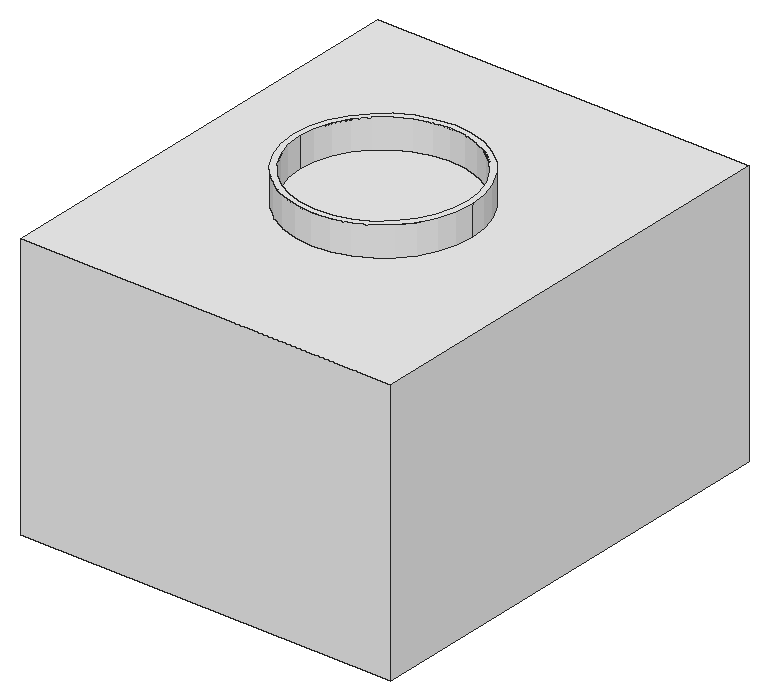
Revit family "Lighting-Recessed-Amerlux-E475RA-C3", category Lighting Fixtures, host Face, Revit 2014
Parameters (values of type "Trimless")
  Width = 12 1/2"
  Wattage = 9.2903 W
  built-in parameter 1150110 = 1 (stored number, unit not read)
  Voltage = 0 V
  URL = "http://www.amerlux.com/"
  Trim Size = 6"
  Trim [instance] = no
  built-in parameter 1114217 = 1 (stored number, unit not read)
  Tilt Angle = -90.00°
  built-in parameter 1150109 = 1 (stored number, unit not read)
  built-in parameter 1150134 = 3
  built-in parameter 1150113 = 1 (stored number, unit not read)
  Power Factor = 1
  Photometric Web File = "generic"
  Number of Poles = 1
  built-in parameter 1150142 = (empty or 0)
  Model Number = ""
  Model = "E475RAC3"
  Manufacturer = "Amerlux"
  built-in parameter 1150105 = 109.82 (stored number, unit not read)
  Lumens = 1380 lm
  built-in parameter 1150115 = 1 (stored number, unit not read)
  built-in parameter 1150137 = (empty or 0)
  built-in parameter 1150139 = (empty or 0)
  Length = 14 1/2"
  built-in parameter 1150112 = 1 (stored number, unit not read)
  built-in parameter 1150114 = 1 (stored number, unit not read)
  Lamp = "LED"
  built-in parameter 1150132 = (empty or 0)
  built-in parameter 1150102 = (empty or 0)
  built-in parameter 1150107 = 3200 (stored number, unit not read)
  built-in parameter 1150138 = (empty or 0)
  built-in parameter 1150106 = 1.0982 (stored number, unit not read)
  Height = 8 1/4"
  Emit from Circle Diameter = Aperture Size  # 4 3/4"
  Emit Shape Visible in Rendering = no
  built-in parameter 1150104 = 13.8 (stored number, unit not read)
  Dimming Lamp Color Temperature Shift = <None>
  Dimming = ""
  Description = "4.5\" Round Adjustable"
  Default Elevation = 48"
  Color Filter = 16777215
  built-in parameter 1114218 = 1 (stored number, unit not read)
  built-in parameter 1150133 = 10 (stored number, unit not read)
  Apparent Load = 0 VA
  Aperture Size = 4 3/4"
Types (3): name | Trim
  (no name) | no
  Trim | yes
  Trimless | no
Reference planes (in)
  plane 1 "Center (Front/Back)": y = 0
  plane 2: z = 0
  plane 3 "Center (Left/Right)": x = 0
  plane 4: x = -7.25
  plane 5: x = 7.25
  plane 6: z = -8.25
  plane 7: y = 6.25
  plane 8: y = -6.25
Forms (in)
  Extrusion 1, solid, material "Housing"
    sketch origin (0, 0, 0) x (1, 0, 0) y (0, 1, 0)
      loop
        line (-5.16548, 6.25) -> (-5.16548, -6.25) -> (5.22568, -6.25) -> (5.22568, 6.25) -> (-5.16548, 6.25)
    from -8.25 to -0.8255
  Extrusion 2, solid, material "Trim Finish", visible <- "Trim"
    sketch origin (0, 0, 0) x (1, 0, 0) y (0, 1, 0)
      loop
        circle (0, 0) r 3
      loop
        circle (0, 0) r 2.375
    from 0 to 0.08709
  Extrusion 3, solid, material "Housing"
    sketch origin (0, 0, 0) x (1, 0, 0) y (0, 1, 0)
      loop
        circle (0, 0) r 2.34375
      loop
        circle (0, 0) r 2.5
    from -0.8255 to 0
  Extrusion 4, void
    sketch origin (0, 0, 0) x (1, 0, 0) y (0, 1, 0)
      loop
        circle (0, 0) r 2.34375
    from -0.8255 to 0.08709
Cuts and joins
  Extrusion 4 cuts Extrusion 2
Dimensions and locks (in)
  "Height": plane 6 to host face
  "Length": plane 4 to plane 5
  equal spacing: plane 7, plane 1 "Center (Front/Back)", plane 8
  equal spacing: plane 4, plane 3 "Center (Left/Right)", plane 5
  "Width": plane 7 to plane 8
  "Aperture Size": diameter of Extrusion 2 sketch curve
  "Trim Size": diameter of Extrusion 2 sketch curve
  aligned and locked: plane 2 to host face
  aligned and locked: level to host face
  aligned and locked: Extrusion 1 to plane 6
  aligned and locked: Extrusion 1 to plane 8
  aligned and locked: Extrusion 3 to Extrusion 1
  aligned and locked: level to Extrusion 3
  aligned and locked: plane 7 to Extrusion 1
Automatic sketch dimensions
  host sketch curve to host sketch curve = 54.51167"
  host sketch curve to host sketch curve = 52.40009"
  plane 4 to Extrusion 1 sketch curve = 2.08452"
  Extrusion 1 sketch curve to plane 5 = 2.02432"
  Extrusion 1 sketch curve to plane 8 = 0"
  Extrusion 1 sketch curve to plane 7 = 0"
  Extrusion 3 sketch curve to Extrusion 3 sketch curve = 0"  (x2)
  plane 1 "Center (Front/Back)" to Extrusion 3 sketch curve = 0"
  Extrusion 3 sketch curve to plane 3 "Center (Left/Right)" = 0"
  plane 1 "Center (Front/Back)" to Extrusion 4 sketch curve = 0"
  Extrusion 4 sketch curve to plane 3 "Center (Left/Right)" = 0"
  Extrusion 2 sketch curve to Extrusion 2 sketch curve = 0"  (x2)
  plane 1 "Center (Front/Back)" to Extrusion 2 sketch curve = 0"
  Extrusion 2 sketch curve to plane 3 "Center (Left/Right)" = 0"
  radius of Extrusion 3 sketch curve = 2 11/32"
  radius of Extrusion 3 sketch curve = 2 1/2"
  radius of Extrusion 4 sketch curve = 2 11/32"
Connectors (in)
  electrical at (0.0301, 0, -8.25), driven by "Number of Poles", driven by "Voltage", driven by "Apparent Load", driven by "Power Factor"
    settings: on Extrusion 1, index 1, voltage 0 V, apparent load 0 VA, apparent load phase1 0 VA, apparent load phase2 0 VA, apparent load phase3 0 VA, power factor 1, load classification "Other", number of poles 1, system type 31, power factor state 1, is connector primary yes, connector utility no, sub classification motor no, connector description "Power"
